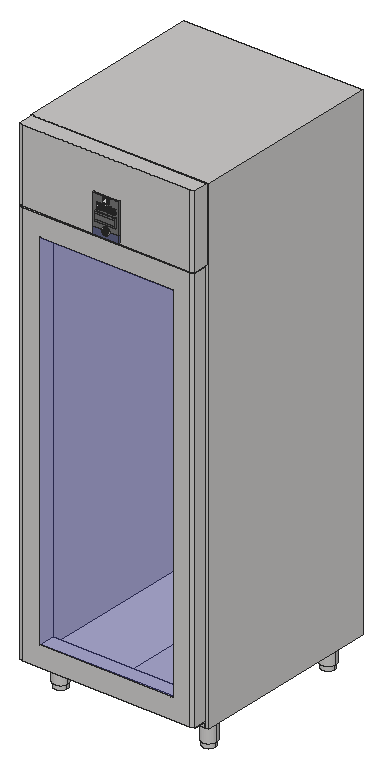
Revit family "QF_ELECTROLUXPROFESSIONAL_725237_ESP71FRRCO2", category Specialty Equipment, Revit 2018
Family settings
  Round Connector Dimension = Use Diameter
  Part Type = Normal
  Work Plane-Based = No
  Always vertical = Yes
  Cut with Voids When Loaded = No
  Shared = No
  Room Calculation Point = No
Parameters (values of type "Standard")
  Weight = 102.00 kg
  Watts = 0 W
  Volts = 220 V
  URL Manufacturer = "http://professional.electrolux.com"
  URL = "http://professional.electrolux.com"
  Steam Supply Size = 0 mm
  Steam Supply Minimum Pressure = 0.0 Pa
  Steam Supply Maximum Pressure = 0.0 Pa
  Steam Pounds per Hour = 0
  Refrigeration Suction Line Size = 0.031 mm
  Refrigeration Liquid Line Size = 0.02 mm
  Refrigerant Compressor Remote = yes
  Manufacturer = "Electrolux Professional"
  Phase = 1
  Model = "ESP71FRRCO2"
  Length Actual = 710 mm  # constant formula
  Item Number = "725237"
  Hot Water Size = 0 mm
  Height Actual = 2050 mm  # constant formula
  HP = "0.2 HP"
  Gas Size = 0 mm
  Gas KW = 0
  Gas Input Pressure = 0 W
  Direct Waste Size = 0 mm
  Description = "1-DOOR REFRIG 670L -2/+10°C, DIGITAL, REM, CO2 W/VALVE"
  Depth Actual = 835 mm  # constant formula
  Cycle = 60 Hz
  Condensate Return Size = 0 mm
  Compressed Air Volume = 0.0 L/s
  Compressed Air Size = 0 mm
  Compressed Air Pressure = 0.0 Pa
  Cold Water Size = 0 mm
  Accessory = yes
Reference planes
  plane 1 "Center (Front/Back)": y = 0
  plane 2: z = 0
  plane 3 "Center (Left/Right)": x = 0
  plane 4 "BASE": z = 110
  plane 5 "TOP": z = 2050
  plane 6 "FRONT": y = -417.5
  plane 7 "BACK": y = 417.5
  plane 8 "LEFT": x = -355
  plane 9 "RIGHT": x = 355
  plane 10 "RO_X": y = -166.5
  plane 11 "RO_Y": x = -245
  plane 12 "REMOTE_Z": z = 1802
  plane 13 "RI_Y": x = -205
  plane 14 "RI_X": y = -187.5
Forms (mm)
  Extrusion 1, solid, material "QF_Finishes_Stainless Steel"
    sketch origin (0, 0, 0) x (1, 0, 0) y (0, 1, 0)
      loop
        circle (-278, 344.5) r 25
      loop
        circle (278, 344.5) r 25
      loop
        circle (-295, -269.5) r 25
      loop
        circle (295, -269.5) r 25
    from 0 to 20
  Extrusion 2, solid, material "QF_Finishes_Stainless Steel"
    sketch origin (0, 0, 0) x (1, 0, 0) y (0, 1, 0)
      loop
        circle (-278, 344.5) r 30
      loop
        circle (278, 344.5) r 30
      loop
        circle (295, -269.5) r 30
      loop
        circle (-295, -269.5) r 30
    from 20 to 110
  Extrusion 3, solid, material "QF_Finishes_Stainless Steel"
    sketch origin (0, 0, 110) x (-1, 0, 0) y (0, -1, 0)
      loop
        line (355, -417.5) -> (355, 345.5) -> (-355, 345.5) -> (-355, -417.5) -> (355, -417.5)
    from 0 to 1940
  Extrusion 4, solid
    sketch origin (0, 417.5, 1660) x (-1, 0, 0) y (0, 0, 1)
      loop
        circle (339, 124) r 10
    from 0 to 3.2
  Extrusion 5, solid, material "QF_Door-Drawer Clearances", detail levels coarse
    sketch origin (0, 0, 110) x (-1, 0, 0) y (0, -1, 0)
      loop
        line (-345, 409.5) -> (-283, 409.5) -> (-283, 1006.5) -> (-301, 1006.5) -> (-301, 1024.5) -> (-323, 1024.5) -> (-323, 1062.5) -> (-345, 1062.5) -> (-345, 409.5)
    from 1642.965 to 28
  Extrusion 6, solid, material "QF_Door-Drawer Clearances", detail levels coarse
    sketch origin (0, 0, 110) x (-1, 0, 0) y (0, -1, 0)
      loop
        line (-283, 409.5) -> (347, 409.5)
        arc (347, 409.5) -> (150.684, 878.295) -> (-323, 1062.5) r 650
        line (-323, 1062.5) -> (-323, 1024.5) -> (-301, 1024.5) -> (-301, 1006.5) -> (-283, 1006.5) -> (-283, 409.5)
    from 1642.965 to 28
  Extrusion 7, solid, material "QF_Clearances", detail levels coarse
    sketch origin (0, 0, 110) x (-1, 0, 0) y (0, -1, 0)
      loop
        line (355, 417.5) -> (355, -417.5) -> (-355, -417.5) -> (-355, 417.5) -> (-375, 417.5) -> (-375, -447.5) -> (375, -447.5) -> (375, 417.5) -> (355, 417.5)
    from -110 to 1940
  Extrusion 8, solid, material "QF_Clearances", detail levels coarse
    sketch origin (0, 0, 2050) x (-1, 0, 0) y (0, -1, 0)
      loop
        line (375, -447.5) -> (375, 417.5) -> (-375, 417.5) -> (-375, -447.5) -> (375, -447.5)
    from 0 to 500
  Extrusion 9, void
    sketch origin (0, 417.5, 0) x (-1, 0, 0) y (0, 0, 1)
      loop
        line (280, 1724.965) -> (-280, 1724.965) -> (-280, 180) -> (0, 170) -> (280, 179.676) -> (280, 1724.965)
    from -56 to -763
  Extrusion 10, solid, material "QF_Finishes_Stainless Steel"
    sketch origin (0, 0, 2050) x (-1, 0, 0) y (0, -1, 0)
      loop
        circle (245, 166.5) r 4.75
    from -141.254 to -29
  Extrusion 11, solid, material "QF_Finishes_Stainless Steel"
    sketch origin (0, 0, 0) x (0, 1, 0) y (0, 0, 1)
      loop
        circle (-187.5, 1855) r 3
    from -90.986 to -205
Cuts and joins
  joined: Extrusion 7, Extrusion 8
  Extrusion 9 cuts Extrusion 3
Lines and regions (mm)
  symbolic lines, style "SpecialityEquipmentHiddenLines"
    curve 1: line (345, -409.5, 110) -> (345, -1062.5, 110)
    curve 2: line (345, -1062.5, 110) -> (323, -1062.5, 110)
    curve 3: line (283, -409.5, 110) -> (283, -1006.5, 110)
    curve 4: line (323, -1062.5, 110) -> (323, -1024.5, 110)
    curve 5: line (323, -1024.5, 110) -> (301, -1024.5, 110)
    curve 6: line (301, -1024.5, 110) -> (301, -1006.5, 110)
    curve 7: line (301, -1006.5, 110) -> (283, -1006.5, 110)
    curve 8: arc (-347, -409.5, 110) -> (-150.684, -878.295, 110) -> (323, -1062.5, 110) r 650
  symbolic lines, style "QF_Clearances", detail levels coarse
    curve 9: line (-355, -417.5, 2050) -> (-375, -417.5, 2050)
    curve 10: line (-375, -417.5, 2050) -> (-375, 447.5, 2050)
    curve 11: line (-375, 447.5, 2050) -> (375, 447.5, 2050)
    curve 12: line (375, 447.5, 2050) -> (375, -417.5, 2050)
    curve 13: line (375, -417.5, 2050) -> (355, -417.5, 2050)
  symbolic lines
    curve 14: line (355, 417.5, 2050) -> (-355, 417.5, 2050)
    curve 15: line (355, -345.5, 2050) -> (355, 417.5, 2050)
    curve 16: line (-355, -345.5, 2050) -> (355, -345.5, 2050)
    curve 17: line (-355, 417.5, 2050) -> (-355, -345.5, 2050)
Dimensions and locks
  equal spacing: plane 7 "BACK", plane 1 "Center (Front/Back)", plane 6 "FRONT"
  equal spacing: plane 8 "LEFT", plane 3 "Center (Left/Right)", plane 9 "RIGHT"
  plane 8 "LEFT" to plane 9 "RIGHT" = 710 mm
  plane 7 "BACK" to plane 6 "FRONT" = 835 mm
  plane 5 "TOP" to plane 2 = 2050 mm
  plane 7 "BACK" to plane 10 "RO_X" = 584 mm
  plane 8 "LEFT" to plane 11 "RO_Y" = 110 mm
  Extrusion 10 to plane 12 "REMOTE_Z" = 219 mm
  plane 14 "RI_X" to plane 7 "BACK" = 605 mm
  aligned and locked: level to plane 2
Automatic sketch dimensions
  Extrusion 3 sketch curve to plane 7 "BACK" = 0 mm
  Extrusion 3 sketch curve to plane 9 "RIGHT" = 0 mm
  Extrusion 3 sketch curve to plane 8 "LEFT" = 0 mm
  plane 8 "LEFT" to Extrusion 4 sketch curve = 16 mm
  plane 4 "BASE" to Extrusion 4 sketch curve = 1674 mm
  plane 9 "RIGHT" to curve 1 = 10 mm
  curve 1 to curve 2 = 22 mm
  plane 6 "FRONT" to curve 8 = 4.692 mm
  curve 7 to plane 6 "FRONT" = 589 mm
  curve 6 to curve 5 = 18 mm
  curve 4 to curve 2 = 38 mm
  plane 6 "FRONT" to curve 8 = 8 mm
  plane 6 "FRONT" to curve 1 = 8 mm
  plane 6 "FRONT" to curve 3 = 8 mm
  plane 9 "RIGHT" to Extrusion 5 sketch curve = 10 mm
  Extrusion 5 sketch curve to plane 6 "FRONT" = 589 mm
  Extrusion 5 sketch curve to Extrusion 5 sketch curve = 18 mm
  Extrusion 5 sketch curve to Extrusion 5 sketch curve = 38 mm
  plane 6 "FRONT" to Extrusion 5 sketch curve = 8 mm
  plane 6 "FRONT" to Extrusion 6 sketch curve = 4.692 mm
  Extrusion 6 sketch curve to Extrusion 6 sketch curve = 18 mm  (x2)
  Extrusion 6 sketch curve to Extrusion 6 sketch curve = 38 mm
  plane 8 "LEFT" to Extrusion 6 sketch curve = 8 mm
  plane 6 "FRONT" to Extrusion 6 sketch curve = 8 mm
  Extrusion 7 sketch curve to plane 6 "FRONT" = 0 mm  (x2)
  Extrusion 7 sketch curve to plane 7 "BACK" = 0 mm
  Extrusion 7 sketch curve to plane 9 "RIGHT" = 0 mm
  Extrusion 7 sketch curve to plane 8 "LEFT" = 0 mm
  Extrusion 7 sketch curve to plane 9 "RIGHT" = 20 mm
  Extrusion 7 sketch curve to plane 8 "LEFT" = 20 mm
  plane 7 "BACK" to Extrusion 7 sketch curve = 30 mm
  Extrusion 8 sketch curve to plane 6 "FRONT" = 0 mm
  Extrusion 8 sketch curve to plane 9 "RIGHT" = 20 mm
  Extrusion 8 sketch curve to plane 8 "LEFT" = 20 mm
  plane 7 "BACK" to Extrusion 8 sketch curve = 30 mm
  plane 8 "LEFT" to Extrusion 1 sketch curve = 60 mm
  plane 8 "LEFT" to Extrusion 1 sketch curve = 77 mm
  plane 9 "RIGHT" to Extrusion 1 sketch curve = 77 mm
  plane 9 "RIGHT" to Extrusion 1 sketch curve = 60 mm
  plane 6 "FRONT" to Extrusion 1 sketch curve = 148 mm  (x2)
  Extrusion 1 sketch curve to plane 7 "BACK" = 73 mm  (x2)
  plane 8 "LEFT" to Extrusion 2 sketch curve = 60 mm
  plane 8 "LEFT" to Extrusion 2 sketch curve = 77 mm
  plane 9 "RIGHT" to Extrusion 2 sketch curve = 77 mm
  plane 9 "RIGHT" to Extrusion 2 sketch curve = 60 mm
  plane 6 "FRONT" to Extrusion 2 sketch curve = 148 mm  (x2)
  Extrusion 2 sketch curve to plane 7 "BACK" = 73 mm  (x2)
  plane 6 "FRONT" to Extrusion 3 sketch curve = 72 mm
  curve 1 to curve 8 = 42.008 mm
  curve 4 to curve 5 = 22 mm
  curve 6 to curve 3 = 18 mm
  plane 9 "RIGHT" to Extrusion 5 sketch curve = 32 mm
  Extrusion 5 sketch curve to Extrusion 5 sketch curve = 22 mm
  Extrusion 5 sketch curve to Extrusion 5 sketch curve = 62 mm
  plane 9 "RIGHT" to Extrusion 6 sketch curve = 72 mm
  Extrusion 6 sketch curve to Extrusion 6 sketch curve = 19.992 mm
  Extrusion 6 sketch curve to Extrusion 6 sketch curve = 22 mm
  Extrusion 9 sketch curve to plane 3 "Center (Left/Right)" = 0 mm
  plane 8 "LEFT" to Extrusion 9 sketch curve = 75 mm
  plane 4 "BASE" to Extrusion 9 sketch curve = 60 mm
  plane 4 "BASE" to Extrusion 9 sketch curve = 69.676 mm
  Extrusion 9 sketch curve to plane 5 "TOP" = 325.035 mm
  plane 9 "RIGHT" to Extrusion 9 sketch curve = 75 mm
  Extrusion 9 sketch curve to Extrusion 9 sketch curve = 0.324 mm
  Extrusion 10 sketch curve to plane 10 "RO_X" = 0 mm
  Extrusion 10 sketch curve to plane 11 "RO_Y" = 0 mm
  Extrusion 11 sketch curve to plane 10 "RO_X" = 21 mm
  Extrusion 11 sketch curve to plane 12 "REMOTE_Z" = 53 mm
  curve 12 to plane 6 "FRONT" = 0 mm
  curve 15 to plane 7 "BACK" = 0 mm
  curve 15 to plane 9 "RIGHT" = 0 mm
  curve 13 to plane 9 "RIGHT" = 0 mm
  curve 17 to plane 8 "LEFT" = 0 mm
  curve 9 to plane 6 "FRONT" = 0 mm
  curve 9 to plane 8 "LEFT" = 0 mm
  curve 12 to plane 9 "RIGHT" = 20 mm
  curve 9 to curve 10 = 20 mm
  plane 7 "BACK" to curve 12 = 30 mm
  plane 6 "FRONT" to curve 15 = 72 mm
  radius of Extrusion 1 sketch curve = 25 mm  (x4)
  radius of Extrusion 2 sketch curve = 30 mm  (x4)
  radius of Extrusion 4 sketch curve = 10 mm
  radius of Extrusion 10 sketch curve = 4.75 mm
  radius of Extrusion 11 sketch curve = 3 mm
Nested families
  nested 1: "QF_725237_Door" at (0, -345.5, 968.365) x (1, 0, 0) z (0, -1, 0), type "QF_725237_Door"
    with Show Clearance yes
  nested 2: "Freezer" at (355, -417.5, 2050), type "Freezer"
Connectors
  electrical at (-339, 420.7, 1784), driven by "Volts"
    settings: on Extrusion 4, index 2, voltage 220 V, apparent load 0 VA, apparent load phase1 0 VA, apparent load phase2 0 VA, apparent load phase3 0 VA, power factor 1, load classification "Other", number of poles 1, system type 30, power factor state 1, is connector primary yes, connector utility no, sub classification motor no, connector description "Electrical Connection"
  piping at (-245, -166.5, 2021), diameter 9.5
    settings: on Extrusion 10, index 3, connector inside diameter 609.6 mm, connector length 0 mm, flow factor 0, pipe flow 0.0 L/s, pressure drop 0.0 Pa, fitting loss kfactor 0, connector angle 0.00°, fixture units 0, engagement length 0 mm, angle of deflection 0.00°, flow configuration 1, flow direction 2, fitting loss method 0, system type 8, joint type 0, gender type 0, connector reference index -1, connector utility 0, adjustable connector no, is connector primary yes, connector description "Refrigerant Outlet"
  piping at (-205, -187.5, 1855), diameter 6
    settings: on Extrusion 11, index 4, connector inside diameter 609.6 mm, connector length 0 mm, flow factor 0, pipe flow 0.0 L/s, pressure drop 0.0 Pa, fitting loss kfactor 0, connector angle 0.00°, fixture units 0, engagement length 0 mm, angle of deflection 0.00°, flow configuration 1, flow direction 1, fitting loss method 0, system type 7, joint type 0, gender type 0, connector reference index -1, connector utility 0, adjustable connector no, is connector primary no, connector description "Refrigerant Inlet"
Definition of nested family "QF_725237_Door"
  Parameters
    Show Clearance [instance] = yes
    Model = "729040"
    Default Elevation = 0 mm
  Reference planes
    plane 1 "Center (Front/Back)": y = 0
    plane 2: z = 0
    plane 3 "Center (Left/Right)": x = 0
  Forms (mm)
    Extrusion 1, solid
      sketch origin (0, -919.2, 0) x (1, 0, 0) y (0, 1, 0)
        loop
          line (-460, 2119.2) -> (-460, -162.846) -> (488.967, -162.846) -> (488.967, 2119.2) -> (-460, 2119.2)
      from 0 to -59.546
    Extrusion 2, solid
      sketch origin (0, 0, 0) x (1, 0, 0) y (0, 0, 1)
        loop
          line (-347, 60) -> (-347, 0) -> (347, 0) -> (347, 60) -> (332, 64) -> (-332, 64) -> (-347, 60)
      from -1081.6 to -791.6
    Extrusion 3, solid
      sketch origin (0, 0, 0) x (1, 0, 0) y (0, 0, 1)
        loop
          line (-347, 60) -> (-347, 26) -> (-325, 26) -> (-325, 8) -> (-307, 8) -> (-307, 0) -> (339, 0) -> (339, 8) -> (347, 8) -> (347, 60) -> (332, 64) -> (-332, 64) -> (-347, 60)
      from -784.6 to 830.4
    Extrusion 4, solid
      sketch origin (119, -516.365, 0) x (0, 1, 0) y (0, 0, 1)
        loop
          line (-323.003, 40.312) -> (-316.501, 40.312) -> (-316.501, 42.812) -> (-325.503, 42.812) -> (-325.503, 2.5) -> (-342, 2.5) -> (-342, 0) -> (-323.003, 0) -> (-323.003, 12.259) -> (-323.003, 40.312)
        loop
          line (-314, 38.311) -> (-316.501, 38.311) -> (-316.501, 14.304) -> (-319.752, 14.304) -> (-319.752, 11.804) -> (-314, 11.804) -> (-314, 38.311)
      from 185 to 220
    Extrusion 5, solid
      sketch origin (119, 469.597, 0) x (0, 1, 0) y (0, 0, 1)
        loop
          line (315.003, 27.948) -> (315.003, 2.948) -> (315.003, 0) -> (322.003, 0) -> (322.003, 2.5) -> (317.503, 2.5) -> (317.503, 27.948) -> (315.003, 27.948)
      from 185 to 220
    Extrusion 6, void
      sketch origin (0, 0, 0) x (1, 0, 0) y (0, 1, 0)
        loop
          line (267, -750.4) -> (267, 704.6) -> (-267, 704.6) -> (-267, -750.4) -> (267, -750.4)
      from 0 to 64
    Extrusion 7, solid
      sketch origin (0, 0, 0) x (1, 0, 0) y (0, 1, 0)
        loop
          line (267, 704.6) -> (-267, 704.6) -> (-267, -750.4) -> (267, -750.4) -> (267, 704.6)
      from 60 to 64
  Cuts and joins
    Extrusion 6 cuts Extrusion 3
  Lines and regions (mm)
    symbolic lines
      curve 1: line (-332, 0, 64) -> (332, 0, 64)
      curve 2: line (-347, 0, 0) -> (-347, 0, 60)
      curve 3: line (347, 0, 0) -> (-347, 0, 0)
      curve 4: line (347, 0, 60) -> (347, 0, 0)
      curve 5: line (-347, 0, 26) -> (-325, 0, 26)
      curve 6: line (-325, 0, 26) -> (-325, 0, 8)
      curve 7: line (-325, 0, 8) -> (-307, 0, 8)
      curve 8: line (-307, 0, 8) -> (-307, 0, 0)
      curve 9: line (339, 0, 8) -> (347, 0, 8)
      curve 10: line (339, 0, 8) -> (339, 0, 0)
      curve 11: line (-332, 0, 64) -> (-347, 0, 60)
      curve 12: line (332, 0, 64) -> (347, 0, 60)
  Dimensions and locks
    aligned and locked: plane 2 to Extrusion 1
    aligned and locked: level to Extrusion 1
  Nested families
    nested 1: "QF_DisplayStandardCabinets" at (0, 863.6, 64), type "QF_DisplayStandardCabinets"
      with Show Clearance yes
  Definition of nested family "QF_DisplayStandardCabinets"
    Parameters
      Show Clearance [instance] = yes
      Model = "728658"
      Default Elevation = 1219.2 mm
    Reference planes
      plane 1 "Center (Front/Back)": y = 0
      plane 2: z = 0
      plane 3 "Center (Left/Right)": x = 0
    Forms (mm)
      Extrusion 1, solid
        sketch origin (0, -919.2, 0) x (1, 0, 0) y (0, 1, 0)
          loop
            line (-198.75, 1146.2) -> (-198.75, 709.567) -> (165.741, 709.567) -> (165.741, 1146.2) -> (-198.75, 1146.2)
        from 0 to -59.546
      Extrusion 2, solid
        sketch origin (-59, -44.611, 0) x (0, 1, 0) y (-1, 0, 0)
          loop
            circle (0.611, -59) r 14
        from 4 to 7
      Extrusion 3, solid
        sketch origin (744.635, 320.889, 0) x (0, 1, 0) y (-1, 0, 0)
          loop
            circle (-364.889, 744.635) r 10
          loop
            circle (-364.889, 744.635) r 9
        from 4 to 8
      Extrusion 4, solid
        sketch origin (744.635, 320.889, 0) x (0, 1, 0) y (-1, 0, 0)
          loop
            circle (-364.889, 744.635) r 8.7
        from 4 to 8
      Extrusion 5, void
        sketch origin (744.635, 320.889, 0) x (0, 1, 0) y (-1, 0, 0)
          loop
            line (-372.339, 745.885) -> (-372.339, 743.385) -> (-362.339, 743.385) -> (-362.339, 745.885) -> (-372.339, 745.885)
        from 8.592 to 6.269
      Extrusion 6, solid
        sketch origin (744.635, 320.889, 0) x (0, 1, 0) y (-1, 0, 0)
          loop
            line (-372.339, 745.885) -> (-372.339, 743.385) -> (-362.339, 743.385) -> (-362.339, 745.885) -> (-372.339, 745.885)
        from 6 to 8
      Extrusion 7, solid
        sketch origin (0, 0, 0) x (1, 0, 0) y (0, 1, 0)
          loop
            line (-51.473, 80) -> (-51.473, -44) -> (-14, -44)
            arc (-14, -44) -> (0, -30) -> (14, -44) r 14
            line (14, -44) -> (50.954, -44) -> (50.954, 80) -> (-51.473, 80)
        from 0 to 4
      Extrusion 8, solid
        sketch origin (0, -30, 0) x (0, 1, 0) y (0, 0, 1)
          loop
            line (10.404, 4) -> (17.404, 4) -> (17.404, 8)
            arc (17.404, 8) -> (13.868, 7.749) -> (10.404, 7) r 25
            line (10.404, 7) -> (10.404, 4)
          loop
            arc (47.404, 7) -> (43.939, 7.749) -> (40.404, 8) r 25
            line (40.404, 8) -> (40.404, 4) -> (47.404, 4) -> (47.404, 7)
        from 40 to -40
      Extrusion 9, solid
        sketch origin (0, -30, 0) x (1, 0, 0) y (0, 1, 0)
          loop
            line (-40, 40.404) -> (-40, 17.404) -> (40, 17.404) -> (40, 40.404) -> (-40, 40.404)
        from 8 to 4
      Extrusion 10, solid
        sketch origin (46.005, 87.683, 0) x (1, 0, 0) y (0, 1, 0)
          loop
            line (-43.063, -13.359) -> (-43.063, -33.154)
            arc (-43.063, -33.154) -> (-35.746, -23.257) -> (-43.063, -13.359) r 10.352
          loop
            arc (-44.07, -13.359) -> (-52.302, -15.23) -> (-56.268, -22.683) r 10.145
            line (-56.268, -22.683) -> (-52.994, -22.683)
            arc (-52.994, -22.683) -> (-47.143, -20.308) -> (-44.07, -14.793) r 9.509
            line (-44.07, -14.793) -> (-44.07, -13.359)
          loop
            arc (-44.07, -31.721) -> (-47.143, -26.205) -> (-52.994, -23.831) r 9.509
            line (-52.994, -23.831) -> (-56.268, -23.831)
            arc (-56.268, -23.831) -> (-52.309, -31.345) -> (-44.07, -33.408) r 10.411
            line (-44.07, -33.408) -> (-44.07, -31.721)
          loop
            line (-57.02, -12.279) -> (-57.02, -34.279) -> (-34.99, -34.279) -> (-34.99, -12.279) -> (-57.02, -12.279)
        from 4 to 5.6
      Extrusion 11, solid
        sketch origin (-12.866, 61.032, 0) x (1, 0, 0) y (0, 1, 0)
          loop
            line (-15.272, -12.492) -> (-22.708, -12.492) -> (-22.708, -21.151)
            arc (-22.708, -21.151) -> (-21.729, -23.514) -> (-19.367, -24.492) r 3.341
            line (-19.367, -24.492) -> (-15.128, -24.492) -> (-15.128, -22.55) -> (-18.883, -22.55)
            arc (-18.883, -22.55) -> (-20.117, -22.133) -> (-20.642, -20.941) r 1.615
            line (-20.642, -20.941) -> (-20.642, -19.224) -> (-15.593, -19.224) -> (-15.593, -17.274) -> (-20.642, -17.274) -> (-20.642, -14.436) -> (-15.272, -14.436) -> (-15.272, -12.492)
          loop
            line (-13.66, -12.492) -> (-13.66, -24.492) -> (-11.593, -24.492) -> (-11.593, -12.492) -> (-13.66, -12.492)
          loop
            line (31.232, -12.492) -> (31.232, -24.492) -> (33.3, -24.492) -> (33.3, -12.492) -> (31.232, -12.492)
          loop
            line (-8.175, -20.66) -> (-1.392, -20.66)
            arc (-1.392, -20.66) -> (-2.453, -16.934) -> (-6.081, -15.575) r 4.298
            arc (-6.081, -15.575) -> (-9.277, -17.196) -> (-10.188, -20.66) r 4.373
            arc (-10.188, -20.66) -> (-8.988, -23.558) -> (-6.091, -24.758) r 4.097
            arc (-6.091, -24.758) -> (-3.837, -24.425) -> (-1.946, -23.152) r 5.15
            line (-1.946, -23.152) -> (-3.171, -21.928)
            arc (-3.171, -21.928) -> (-4.778, -22.892) -> (-6.645, -22.73) r 3.039
            arc (-6.645, -22.73) -> (-7.784, -21.972) -> (-8.175, -20.66) r 2.013
          loop
            line (-8.123, -19.207) -> (-3.469, -19.207)
            arc (-3.469, -19.207) -> (-4.122, -17.833) -> (-5.557, -17.326) r 1.983
            arc (-5.557, -17.326) -> (-7.213, -17.758) -> (-8.123, -19.207) r 2.321
          loop
            line (6.665, -18.342) -> (7.963, -17.044)
            arc (7.963, -17.044) -> (6.336, -15.866) -> (4.358, -15.514) r 4.497
            arc (4.358, -15.514) -> (1.341, -16.616) -> (-0.242, -19.411) r 4.652
            arc (-0.242, -19.411) -> (2.426, -24.31) -> (7.89, -23.18) r 4.684
            line (7.89, -23.18) -> (6.599, -21.89)
            arc (6.599, -21.89) -> (3.813, -22.811) -> (1.817, -20.66) r 2.714
            arc (1.817, -20.66) -> (1.956, -18.959) -> (3.127, -17.718) r 2.578
            arc (3.127, -17.718) -> (5.002, -17.432) -> (6.665, -18.342) r 2.961
          loop
            line (9.233, -12.492) -> (9.233, -20.693)
            arc (9.233, -20.693) -> (9.411, -21.923) -> (9.872, -23.078) r 5.301
            arc (9.872, -23.078) -> (11.347, -24.251) -> (13.216, -24.498) r 3.531
            line (13.216, -24.498) -> (13.216, -22.561)
            arc (13.216, -22.561) -> (12.66, -22.519) -> (12.142, -22.313) r 1.862
            arc (12.142, -22.313) -> (11.478, -21.611) -> (11.3, -20.66) r 1.713
            line (11.3, -20.66) -> (11.3, -17.691) -> (13.177, -17.691) -> (13.177, -15.813) -> (11.3, -15.813) -> (11.3, -12.492) -> (9.233, -12.492)
          loop
            arc (16.966, -19.93) -> (17.114, -19.065) -> (17.54, -18.298) r 2.607
            arc (17.54, -18.298) -> (18.779, -17.662) -> (20.17, -17.691) r 2.84
            line (20.17, -17.691) -> (20.17, -15.704)
            arc (20.17, -15.704) -> (18.352, -15.876) -> (16.966, -17.064) r 3.016
            line (16.966, -17.064) -> (16.966, -15.813) -> (14.916, -15.813) -> (14.916, -24.492) -> (16.966, -24.492) -> (16.966, -19.93)
          loop
            circle (25.224, -20.154) r 4.599
          loop
            circle (25.224, -20.154) r 2.787
          loop
            arc (40.755, -20.878) -> (40.245, -22.281) -> (38.861, -22.84) r 1.835
            arc (38.861, -22.84) -> (37.476, -22.281) -> (36.966, -20.878) r 1.835
            line (36.966, -20.878) -> (36.966, -15.813) -> (34.881, -15.813) -> (34.881, -21.05)
            arc (34.881, -21.05) -> (36.067, -23.754) -> (38.861, -24.712) r 3.675
            arc (38.861, -24.712) -> (41.685, -23.725) -> (42.839, -20.965) r 3.675
            line (42.839, -20.965) -> (42.839, -15.813) -> (40.755, -15.813) -> (40.755, -20.878)
          loop
            line (44.088, -15.813) -> (47.09, -19.889) -> (43.792, -24.495) -> (46.014, -24.495) -> (48.203, -21.438) -> (50.424, -24.495) -> (52.632, -24.495) -> (49.381, -19.842) -> (52.354, -15.813) -> (50.097, -15.813) -> (48.196, -18.39) -> (46.324, -15.813) -> (44.088, -15.813)
          loop
            line (-21.545, -29.467) -> (-23.194, -29.467) -> (-23.194, -33.617) -> (-22.292, -33.617) -> (-22.292, -32.188) -> (-21.295, -32.188)
            arc (-21.295, -32.188) -> (-20.179, -30.713) -> (-21.545, -29.467) r 1.372
          loop
            arc (-21.334, -31.373) -> (-20.993, -30.839) -> (-21.334, -30.306) r 0.587
            line (-21.334, -30.306) -> (-22.292, -30.306) -> (-22.292, -31.373) -> (-21.334, -31.373)
          loop
            line (-15.033, -29.467) -> (-16.71, -29.467) -> (-16.71, -33.617) -> (-15.808, -33.617) -> (-15.808, -32.188) -> (-14.935, -32.188) -> (-14.339, -33.617) -> (-13.37, -33.617) -> (-14.186, -31.867)
            arc (-14.186, -31.867) -> (-13.795, -31.4) -> (-13.664, -30.805) r 1.281
            arc (-13.664, -30.805) -> (-14.076, -29.857) -> (-15.033, -29.467) r 1.37
          loop
            line (-15.808, -30.306) -> (-15.808, -31.373) -> (-14.85, -31.373)
            arc (-14.85, -31.373) -> (-14.509, -30.839) -> (-14.85, -30.306) r 0.587
            line (-14.85, -30.306) -> (-15.808, -30.306)
          loop
            circle (-8.072, -31.542) r 2.156
          loop
            circle (-8.072, -31.542) r 1.368
          loop
            line (-2.373, -29.467) -> (-2.373, -33.617) -> (-1.493, -33.617) -> (-1.493, -32.167) -> (0.069, -32.167) -> (0.069, -31.237) -> (-1.493, -31.237) -> (-1.493, -30.361) -> (0.219, -30.361) -> (0.219, -29.467) -> (-2.373, -29.467)
          loop
            line (3.719, -29.467) -> (3.719, -32.269)
            arc (3.719, -32.269) -> (4.101, -33.219) -> (5.046, -33.614) r 1.327
            line (5.046, -33.614) -> (6.385, -33.614) -> (6.385, -32.83) -> (5.126, -32.83)
            arc (5.126, -32.83) -> (4.662, -32.447) -> (4.571, -31.852) r 0.845
            line (4.571, -31.852) -> (6.23, -31.852) -> (6.23, -31.068) -> (4.571, -31.068) -> (4.571, -30.251) -> (6.345, -30.251) -> (6.345, -29.467) -> (3.719, -29.467)
          loop
            arc (18.747, -29.993) -> (18.197, -29.542) -> (17.501, -29.398) r 1.485
            arc (17.501, -29.398) -> (16.858, -29.556) -> (16.329, -29.955) r 1.645
            arc (16.329, -29.955) -> (16.232, -30.897) -> (16.84, -31.624) r 1.217
            arc (16.84, -31.624) -> (17.351, -31.794) -> (17.836, -32.029) r 4.201
            arc (17.836, -32.029) -> (18.142, -32.39) -> (17.931, -32.814) r 0.43
            arc (17.931, -32.814) -> (17.539, -32.906) -> (17.149, -32.807) r 0.846
            arc (17.149, -32.807) -> (16.811, -32.564) -> (16.605, -32.203) r 0.983
            line (16.605, -32.203) -> (15.879, -32.542)
            arc (15.879, -32.542) -> (16.14, -33.046) -> (16.562, -33.427) r 1.595
            arc (16.562, -33.427) -> (17.04, -33.631) -> (17.557, -33.683) r 1.719
            arc (17.557, -33.683) -> (18.196, -33.556) -> (18.772, -33.25) r 2.246
            arc (18.772, -33.25) -> (19.027, -32.573) -> (18.896, -31.863) r 1.349
            arc (18.896, -31.863) -> (18.612, -31.535) -> (18.249, -31.298) r 1.564
            arc (18.249, -31.298) -> (17.79, -31.093) -> (17.32, -30.917) r 8.236
            arc (17.32, -30.917) -> (17.048, -30.494) -> (17.441, -30.181) r 0.375
            arc (17.441, -30.181) -> (17.911, -30.294) -> (18.273, -30.616) r 0.998
            line (18.273, -30.616) -> (18.747, -29.993)
          loop
            line (22.554, -29.467) -> (22.554, -33.614) -> (23.407, -33.614) -> (23.407, -29.467) -> (22.554, -29.467)
          loop
            circle (29.157, -31.541) r 1.29
          loop
            circle (29.157, -31.541) r 2.154
          loop
            line (34.878, -33.614) -> (35.739, -33.614) -> (35.739, -31.007) -> (37.636, -33.614) -> (38.465, -33.614) -> (38.465, -29.467) -> (37.604, -29.467) -> (37.604, -32.154) -> (35.707, -29.467) -> (34.878, -29.467) -> (34.878, -33.614)
          loop
            line (42.765, -33.614) -> (43.169, -32.72) -> (44.703, -32.72) -> (45.106, -33.614) -> (46.023, -33.614) -> (44.271, -29.467) -> (43.471, -29.467) -> (41.849, -33.614) -> (42.765, -33.614)
          loop
            line (44.32, -31.869) -> (43.909, -30.958) -> (43.51, -31.869) -> (44.32, -31.869)
          loop
            line (50.258, -32.83) -> (50.258, -29.467) -> (49.406, -29.467) -> (49.406, -33.614) -> (51.853, -33.614) -> (51.853, -32.83) -> (50.258, -32.83)
          loop
            arc (12.529, -29.993) -> (11.98, -29.542) -> (11.284, -29.398) r 1.485
            arc (11.284, -29.398) -> (10.641, -29.556) -> (10.112, -29.955) r 1.645
            arc (10.112, -29.955) -> (10.014, -30.897) -> (10.622, -31.624) r 1.217
            arc (10.622, -31.624) -> (11.133, -31.794) -> (11.618, -32.029) r 4.201
            arc (11.618, -32.029) -> (11.925, -32.39) -> (11.714, -32.814) r 0.43
            arc (11.714, -32.814) -> (11.322, -32.906) -> (10.931, -32.807) r 0.846
            arc (10.931, -32.807) -> (10.594, -32.564) -> (10.387, -32.203) r 0.983
            line (10.387, -32.203) -> (9.662, -32.542)
            arc (9.662, -32.542) -> (9.923, -33.046) -> (10.345, -33.427) r 1.595
            arc (10.345, -33.427) -> (10.823, -33.631) -> (11.34, -33.683) r 1.719
            arc (11.34, -33.683) -> (11.979, -33.556) -> (12.555, -33.25) r 2.246
            arc (12.555, -33.25) -> (12.809, -32.573) -> (12.678, -31.863) r 1.349
            arc (12.678, -31.863) -> (12.394, -31.535) -> (12.031, -31.298) r 1.564
            arc (12.031, -31.298) -> (11.573, -31.093) -> (11.102, -30.917) r 8.236
            arc (11.102, -30.917) -> (10.83, -30.494) -> (11.223, -30.181) r 0.375
            arc (11.223, -30.181) -> (11.694, -30.294) -> (12.056, -30.616) r 0.998
            line (12.056, -30.616) -> (12.529, -29.993)
        from 4 to 5.6
      Extrusion 12, solid
        sketch origin (0, 0, 0) x (1, 0, 0) y (0, 1, 0)
          loop
            line (-51.473, -44) -> (-51.473, -70) -> (50.954, -70) -> (50.954, -44) -> (14, -44)
            arc (14, -44) -> (0, -58) -> (-14, -44) r 14
            line (-14, -44) -> (-51.473, -44)
        from 0 to 4
    Cuts and joins
      Extrusion 5 cuts Extrusion 4
      joined: Extrusion 8, Extrusion 9
    Lines and regions (mm)
      Split face 1
        outline origin (-41, 10.404, 8) x (-1, 0, 0) y (0, -1, 0)
          loop
            line (-72.157, 0.05) -> (-72.157, 10.5) -> (-78.157, 10.5) -> (-78.157, 0.05) -> (-72.157, 0.05)
      Split face 2
        outline origin (-50, 10.404, 8) x (-1, 0, 0) y (0, -1, 0)
          loop
            line (-72.157, 0.05) -> (-72.157, 10.5) -> (-78.157, 10.5) -> (-78.157, 0.05) -> (-72.157, 0.05)
      Split face 3
        outline origin (-50, 10.404, 8) x (-1, 0, 0) y (0, -1, 0)
          loop
            line (-72.157, 12.45) -> (-72.157, 22.9) -> (-78.157, 22.9) -> (-78.157, 12.45) -> (-72.157, 12.45)
      Split face 4
        outline origin (-50, 10.404, 8) x (-1, 0, 0) y (0, -1, 0)
          loop
            line (-81.157, 12.45) -> (-81.157, 22.9) -> (-87.157, 22.9) -> (-87.157, 12.45) -> (-81.157, 12.45)
      Split face 5
        outline origin (-50, 10.404, 8) x (-1, 0, 0) y (0, -1, 0)
          loop
            line (-13, 0.1) -> (-13, 22.9) -> (-69, 22.9) -> (-69, 0.1) -> (-13, 0.1)
      symbolic lines
        curve 1: line (52.518, 0, 4) -> (-53.037, 0, 4)
        curve 2: line (40, 0, 4) -> (40, 0, 8)
        curve 3: line (40, 0, 8) -> (-40, 0, 8)
        curve 4: line (-40, 0, 8) -> (-40, 0, 4)
        curve 5: line (-64.765, 0, 0) -> (-53.037, 0, 4)
        curve 6: line (52.518, 0, 4) -> (64.135, 0, 0)
    Dimensions and locks
      aligned and locked: plane 2 to Extrusion 1
      aligned and locked: level to Extrusion 1
Definition of nested family "Freezer"
  Reference planes
    plane 1 "Center (Front/Back)": y = 0
    plane 2: z = 0
    plane 3 "Center (Left/Right)": x = 0
  Lines and regions (mm)
    detail lines, in view "Ref. Level"
      curve 1: spline (-500, 190, 0) -> (-493.185, 166.706, 0) -> (-473.205, 145, 0) -> (-441.421, 126.36, 0) -> (-400, 112.058, 0) -> (-351.764, 103.067, 0) -> (-300, 100, 0) -> (-248.236, 103.067, 0) -> (-200, 112.058, 0) -> (-158.579, 126.36, 0) -> (-126.795, 145, 0) -> (-106.815, 166.706, 0) -> (-100, 190, 0) -> (-106.815, 213.294, 0) -> (-126.795, 235, 0) -> (-158.579, 253.64, 0) -> (-200, 267.942, 0) -> (-248.236, 276.933, 0) -> (-300, 280, 0) -> (-351.764, 276.933, 0) -> (-400, 267.942, 0) -> (-441.421, 253.64, 0) -> (-473.205, 235, 0) -> (-493.185, 213.294, 0) -> (-500, 190, 0)
      curve 2: line (-220, 130, 0) -> (-220, 250, 0)
      curve 3: line (-271.962, 220, 0) -> (-168.038, 160, 0)
      curve 4: line (-271.962, 160, 0) -> (-168.038, 220, 0)
      curve 5: line (-200.884, 246.873, 0) -> (-220, 225, 0)
      curve 6: line (-220, 225, 0) -> (-239.116, 246.873, 0)
      curve 7: line (-250.311, 207.5, 0) -> (-260, 235.883, 0)
      curve 8: line (-279.736, 201.7, 0) -> (-250.311, 207.5, 0)
      curve 9: line (-250.311, 172.5, 0) -> (-279.736, 178.3, 0)
      curve 10: line (-260, 144.117, 0) -> (-250.311, 172.5, 0)
      curve 11: line (-220, 155, 0) -> (-239.116, 133.127, 0)
      curve 12: line (-200.884, 133.127, 0) -> (-220, 155, 0)
      curve 13: line (-189.689, 172.5, 0) -> (-180.304, 145.008, 0)
      curve 14: line (-161.188, 178.118, 0) -> (-189.689, 172.5, 0)
      curve 15: line (-189.689, 207.5, 0) -> (-161.188, 201.882, 0)
      curve 16: line (-180.304, 234.992, 0) -> (-189.689, 207.5, 0)
      curve 17: line (-380, 130, 0) -> (-380, 250, 0)
      curve 18: line (-431.962, 220, 0) -> (-328.038, 160, 0)
      curve 19: line (-431.962, 160, 0) -> (-328.038, 220, 0)
      curve 20: line (-360.884, 246.873, 0) -> (-380, 225, 0)
      curve 21: line (-380, 225, 0) -> (-399.116, 246.873, 0)
      curve 22: line (-410.311, 207.5, 0) -> (-419.696, 234.992, 0)
      curve 23: line (-438.812, 201.882, 0) -> (-410.311, 207.5, 0)
      curve 24: line (-410.311, 172.5, 0) -> (-438.812, 178.118, 0)
      curve 25: line (-419.696, 145.008, 0) -> (-410.311, 172.5, 0)
      curve 26: line (-380, 155, 0) -> (-399.116, 133.127, 0)
      curve 27: line (-360.884, 133.127, 0) -> (-380, 155, 0)
      curve 28: line (-349.689, 172.5, 0) -> (-340, 144.117, 0)
      curve 29: line (-320.264, 178.3, 0) -> (-349.689, 172.5, 0)
      curve 30: line (-349.689, 207.5, 0) -> (-320.264, 201.7, 0)
      curve 31: line (-340, 235.883, 0) -> (-349.689, 207.5, 0)
